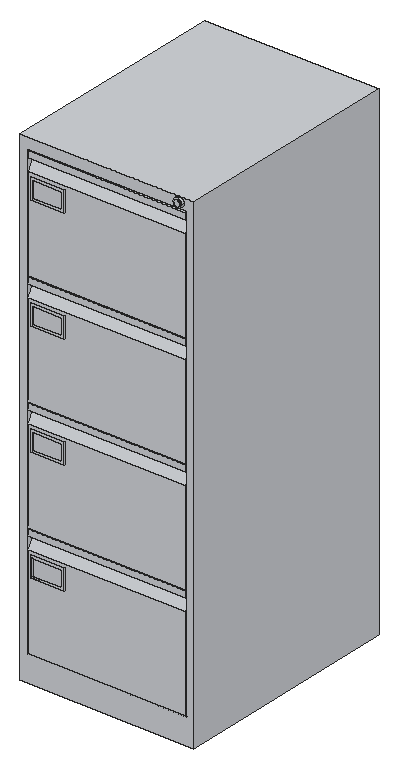
Revit family "BISLEY_AOC_Filing_Cabinets", category Furniture, Revit 2018
Family settings
  OmniClass Number = 23.40.20.00
  OmniClass Title = General Furniture and Specialties
  Work Plane-Based = No
  Always vertical = Yes
  Cut with Voids When Loaded = No
  Shared = No
  Room Calculation Point = No
Parameters (values of type "AOC4")
  plinth height = 70 mm
  Width = 470 mm
  Weight = "42.21kg"
  Warranty = "5 Years from date of purchase"  # constant formula
  Uniclass2015Version = "V1.1"  # constant formula
  Uniclass2015Title = "Shelves and Storage Units"  # constant formula
  Uniclass 2015 Code = "PR_40_30_29"  # constant formula
  URL = "www.bisley.com"
  Training Requirements for Operational Use = "N/A"  # constant formula
  Routine Maintenance = "We recommend you clean your unit with warm water and a mild detergent solution. A damp cloth can be used to remove dust particles."  # constant formula
  Range = "Filing Cabinets"  # constant formula
  Product Information = "4 Drawer Cabinet"
  Number of drawers = 4
  Name = "AOC4"
  Model Reference = Name  # "AOC4"
  Material = "Steel"  # constant formula
  Manufacturer = "Bisley"  # constant formula
  Lebel left = no
  Label right = yes
  Label position = 135.145 mm
  Height = 1321 mm
  Finish = "Powder Coated"  # constant formula
  Drawer width2 = -213 mm
  Drawer width1 = 213 mm
  Dimensions = "1321 x 470 x 622 mm"
  Description = Product Information  # "4 Drawer Cabinet"
  Depth = 622 mm
  Compliance Standards Certification = "BS EN 14074 2004 Part 2 & 3"  # constant formula
  Category = "Furniture"  # constant formula
  Author = "bisley"  # constant formula
  4th label vis = yes
  3rd label vis = yes
  1653 Visibility = no
  1623-1643 Visibility = yes
Types (4, lengths in mm): name | Weight | Product Information | Number of drawers | Name | Model Reference | Height | Dimensions | Description | 4th label vis | 3rd label vis
  (no name) | "42.21kg" | "4 Drawer Cabinet" | 4 | "AOC4" | "AOC4" | 1321 | "1321 x 470 x 622 mm" | "4 Drawer Cabinet" | yes | yes
  AOC2 | "24.48" | "2 Drawer Cabinet" | 2 | "AOC2" | "AOC2" | 711 | "711 x 470 x 622 mm" | "2 Drawer Cabinet" | no | no
  AOC3 | "33.45kg" | "3 Drawer Cabinet" | 3 | "AOC3" | "AOC3" | 1016 | "1016 x 470 x 622 mm" | "3 Drawer Cabinet" | no | yes
  AOC4 | "42.21kg" | "4 Drawer Cabinet" | 4 | "AOC4" | "AOC4" | 1321 | "1321 x 470 x 622 mm" | "4 Drawer Cabinet" | yes | yes
Reference planes
  plane 1 "Center (Front/Back)": y = 0
  plane 2: z = 7
  plane 3 "Center (Left/Right)": x = 0
  plane 4: x = -235
  plane 5: x = 235
  plane 6: y = 311
  plane 7: y = -311
  plane 8: z = 1328
  plane 9: z = 7
  plane 10: z = 1298
  plane 11: z = 77
  plane 12: x = -215
  plane 13: x = 215
  plane 14: y = 230
  plane 15: x = 477
  plane 16: z = 62
  plane 17: x = -477
  plane 18: z = 1245
  plane 19: z = 978
  plane 20: z = 380.514
  plane 21: z = 383.514
Forms (mm)
  Extrusion 1, solid
    sketch origin (0, 0, 7) x (1, 0, 0) y (0, 1, 0)
      loop
        line (-235, 311) -> (-235, -311) -> (235, -311) -> (235, 311) -> (-235, 311)
    from 0 to 1321
  Extrusion 2, void
    sketch origin (0, 0, 0) x (1, 0, 0) y (0, 0, 1)
      loop
        line (-215, 1298) -> (-215, 77) -> (215, 77) -> (215, 1298) -> (-215, 1298)
    from -230 to 311
  Extrusion 3, solid, not visible
    sketch origin (0, 0, -11) x (0, 0, -1) y (0, -1, 0)
      loop
        line (-375, 215) -> (-73.486, 215) -> (-73.486, 235) -> (-323.022, 235) -> (-358, 216.402) -> (-373.358, 216.402) -> (-373.358, 233.251) -> (-358, 233.251) -> (-358, 235) -> (-375, 235) -> (-375, 215)
    from -213 <- "Drawer width2" to 213 <- "Drawer width1"
  Extrusion 4, solid
    sketch origin (194.969, -66.676, 1.065) x (1, 0, 0) y (0, 0, 1)
      loop
        circle (0, 1312.202) r 12
    from 244.324 to 250
  Extrusion 5, solid
    sketch origin (194.969, -66.676, 1.065) x (1, 0, 0) y (0, 0, 1)
      loop
        circle (-0.041, 1312.074) r 7.706
    from 244.324 to 251.657
  Extrusion 6, solid, visible <- "1623-1643 Visibility"
    sketch origin (0, -76, 5.514) x (0, 0, -1) y (0, -1, 0)
      loop
        line (-375, 215) -> (-73.486, 215) -> (-73.486, 235) -> (-323.022, 235) -> (-358, 216.402) -> (-373.358, 216.402) -> (-373.358, 233.251) -> (-358, 233.251) -> (-358, 235) -> (-375, 235) -> (-375, 215)
    from -213 <- "Drawer width2" to 213 <- "Drawer width1"
  Extrusion 7, solid, visible <- "1623-1643 Visibility"
    sketch origin (0.231, -76, 310.027) x (0, 0, -1) y (0, -1, 0)
      loop
        line (-375, 215) -> (-73.486, 215) -> (-73.486, 235) -> (-323.022, 235) -> (-358, 216.402) -> (-373.358, 216.402) -> (-373.358, 233.251) -> (-358, 233.251) -> (-358, 235) -> (-375, 235) -> (-375, 215)
    from -213 <- "Drawer width2" to 213 <- "Drawer width1"
  Extrusion 8, solid, visible <- "1623-1643 Visibility"
    sketch origin (0.463, -76, 614.541) x (0, 0, -1) y (0, -1, 0)
      loop
        line (-375, 215) -> (-73.486, 215) -> (-73.486, 235) -> (-323.022, 235) -> (-358, 216.402) -> (-373.358, 216.402) -> (-373.358, 233.251) -> (-358, 233.251) -> (-358, 235) -> (-375, 235) -> (-375, 215)
    from -213 <- "Drawer width2" to 213 <- "Drawer width1"
  Extrusion 9, solid, visible <- "1623-1643 Visibility"
    sketch origin (0.694, -76, 919.054) x (0, 0, -1) y (0, -1, 0)
      loop
        line (-375, 215) -> (-73.486, 215) -> (-73.486, 235) -> (-323.022, 235) -> (-358, 216.402) -> (-373.358, 216.402) -> (-373.358, 233.251) -> (-358, 233.251) -> (-358, 235) -> (-375, 235) -> (-375, 215)
    from -213 <- "Drawer width2" to 213 <- "Drawer width1"
  Extrusion 10, solid
    sketch origin (0, 0, 0) x (1, 0, 0) y (0, 0, 1)
      loop
        line (-204.804, 320.527) -> (-204.804, 265.527) -> (-114.804, 265.527) -> (-114.804, 320.527) -> (-204.804, 320.527)
      loop
        line (-199.804, 315.527) -> (-199.804, 270.527) -> (-119.804, 270.527) -> (-119.804, 315.527) -> (-199.804, 315.527)
    from 311 to 313.381
  Extrusion 11, solid
    sketch origin (0.231, 0, 304.514) x (1, 0, 0) y (0, 0, 1)
      loop
        line (-204.804, 320.527) -> (-204.804, 265.527) -> (-114.804, 265.527) -> (-114.804, 320.527) -> (-204.804, 320.527)
      loop
        line (-199.804, 315.527) -> (-199.804, 270.527) -> (-119.804, 270.527) -> (-119.804, 315.527) -> (-199.804, 315.527)
    from 311 to 313.381
  Extrusion 12, solid
    sketch origin (0.463, 0, 609.027) x (1, 0, 0) y (0, 0, 1)
      loop
        line (-204.804, 320.527) -> (-204.804, 265.527) -> (-114.804, 265.527) -> (-114.804, 320.527) -> (-204.804, 320.527)
      loop
        line (-199.804, 315.527) -> (-199.804, 270.527) -> (-119.804, 270.527) -> (-119.804, 315.527) -> (-199.804, 315.527)
    from 311 to 313.381
  Extrusion 13, solid
    sketch origin (0.694, 0, 913.541) x (1, 0, 0) y (0, 0, 1)
      loop
        line (-204.804, 320.527) -> (-204.804, 265.527) -> (-114.804, 265.527) -> (-114.804, 320.527) -> (-204.804, 320.527)
      loop
        line (-199.804, 315.527) -> (-199.804, 270.527) -> (-119.804, 270.527) -> (-119.804, 315.527) -> (-199.804, 315.527)
    from 311 to 313.381
Cuts and joins
  Extrusion 2 cuts Extrusion 1
Dimensions and locks
  equal spacing: plane 4, plane 3 "Center (Left/Right)", plane 5
  "Width": plane 4 to plane 5
  "Depth": plane 6 to plane 7
  locked: plane 9 to level
  "plinth height": plane 11 to plane 9
  locked: plane 8 to plane 10 at 30
  locked: plane 12 to plane 4 at 20
  locked: plane 5 to plane 13 at 20
  "Height": plane 8 to plane 9
  plane 3 "Center (Left/Right)" to plane 15 = 477 mm
  plane 18 to plane 19 = 267 mm
  equal spacing: plane 15, plane 3 "Center (Left/Right)", plane 17
  plane 17 to cut or joined group of Extrusion 1, Extrusion 2 = 262 mm
  equal spacing: plane 6, plane 1 "Center (Front/Back)", plane 7
  equal spacing: group 2, group 3, group 4, group 5  (x3)
  aligned and locked: level to plane 2
  aligned and locked: Extrusion 1 sketch curve to plane 6
  aligned and locked: plane 4 to Extrusion 1 sketch curve
  aligned and locked: plane 7 to Extrusion 1 sketch curve
  aligned and locked: Extrusion 1 sketch curve to plane 5
  aligned and locked: Extrusion 1 to plane 9
  aligned and locked: plane 8 to Extrusion 1
  aligned and locked: Extrusion 2 sketch curve to plane 10
  aligned and locked: plane 12 to Extrusion 2 sketch curve
  aligned and locked: Extrusion 2 sketch curve to plane 11
  aligned and locked: Extrusion 2 sketch curve to plane 13
  aligned and locked: Extrusion 2 to plane 7
  aligned and locked: Extrusion 2 to plane 14
  aligned and locked: plane 7 to Extrusion 10
Automatic sketch dimensions
  Extrusion 3 sketch curve to Extrusion 3 sketch curve = 1.642 mm
  Extrusion 3 sketch curve to Extrusion 3 sketch curve = 15.358 mm  (x2)
  Extrusion 3 sketch curve to Extrusion 3 sketch curve = 34.978 mm
  Extrusion 3 sketch curve to Extrusion 3 sketch curve = 249.536 mm
  Extrusion 3 sketch curve to Extrusion 3 sketch curve = 1.402 mm
  Extrusion 3 sketch curve to Extrusion 3 sketch curve = 16.849 mm
  Extrusion 3 sketch curve to Extrusion 3 sketch curve = 1.749 mm
  Extrusion 3 sketch curve to Extrusion 3 sketch curve = 0 mm
  Extrusion 6 sketch curve to Extrusion 6 sketch curve = 1.642 mm
  Extrusion 6 sketch curve to Extrusion 6 sketch curve = 16.849 mm
  Extrusion 6 sketch curve to Extrusion 6 sketch curve = 1.402 mm
  Extrusion 6 sketch curve to Extrusion 6 sketch curve = 34.978 mm
  Extrusion 6 sketch curve to Extrusion 6 sketch curve = 0 mm  (x2)
  Extrusion 6 sketch curve to Extrusion 6 sketch curve = 15.358 mm
  Extrusion 6 sketch curve to Extrusion 6 sketch curve = 249.536 mm
  Extrusion 6 sketch curve to Extrusion 6 sketch curve = 1.749 mm
  Extrusion 7 sketch curve to Extrusion 7 sketch curve = 1.642 mm
  Extrusion 7 sketch curve to Extrusion 7 sketch curve = 16.849 mm
  Extrusion 7 sketch curve to Extrusion 7 sketch curve = 1.402 mm
  Extrusion 7 sketch curve to Extrusion 7 sketch curve = 34.978 mm
  Extrusion 7 sketch curve to Extrusion 7 sketch curve = 0 mm  (x2)
  Extrusion 7 sketch curve to Extrusion 7 sketch curve = 15.358 mm
  Extrusion 7 sketch curve to Extrusion 7 sketch curve = 249.536 mm
  Extrusion 7 sketch curve to Extrusion 7 sketch curve = 1.749 mm
  Extrusion 4 sketch curve to plane 13 = 20.031 mm
  Extrusion 4 sketch curve to plane 8 = 14.733 mm
  Extrusion 5 sketch curve to plane 13 = 20.073 mm
  Extrusion 5 sketch curve to plane 8 = 14.861 mm
  Extrusion 8 sketch curve to Extrusion 8 sketch curve = 1.642 mm
  Extrusion 8 sketch curve to Extrusion 8 sketch curve = 16.849 mm
  Extrusion 8 sketch curve to Extrusion 8 sketch curve = 1.402 mm
  Extrusion 8 sketch curve to Extrusion 8 sketch curve = 34.978 mm
  Extrusion 8 sketch curve to Extrusion 8 sketch curve = 0 mm  (x2)
  Extrusion 8 sketch curve to Extrusion 8 sketch curve = 15.358 mm
  Extrusion 8 sketch curve to Extrusion 8 sketch curve = 249.536 mm
  Extrusion 8 sketch curve to Extrusion 8 sketch curve = 1.749 mm
  Extrusion 9 sketch curve to Extrusion 9 sketch curve = 1.642 mm
  Extrusion 9 sketch curve to Extrusion 9 sketch curve = 16.849 mm
  Extrusion 9 sketch curve to Extrusion 9 sketch curve = 1.402 mm
  Extrusion 9 sketch curve to Extrusion 9 sketch curve = 34.978 mm
  Extrusion 9 sketch curve to Extrusion 9 sketch curve = 0 mm  (x2)
  Extrusion 9 sketch curve to Extrusion 9 sketch curve = 15.358 mm
  Extrusion 9 sketch curve to Extrusion 9 sketch curve = 249.536 mm
  Extrusion 9 sketch curve to Extrusion 9 sketch curve = 1.749 mm
  Extrusion 10 sketch curve to Extrusion 10 sketch curve = 90 mm
  Extrusion 10 sketch curve to Extrusion 10 sketch curve = 55 mm
  Extrusion 10 sketch curve to Extrusion 10 sketch curve = 5 mm  (x8)
  Extrusion 13 sketch curve to Extrusion 13 sketch curve = 5 mm  (x4)
  Extrusion 13 sketch curve to Extrusion 13 sketch curve = 80 mm
  Extrusion 13 sketch curve to Extrusion 13 sketch curve = 45 mm
  Extrusion 10 sketch curve to Extrusion 10 sketch curve = 80 mm
  Extrusion 10 sketch curve to Extrusion 10 sketch curve = 45 mm
  Extrusion 11 sketch curve to Extrusion 11 sketch curve = 5 mm  (x4)
  Extrusion 11 sketch curve to Extrusion 11 sketch curve = 80 mm
  Extrusion 11 sketch curve to Extrusion 11 sketch curve = 45 mm
  Extrusion 12 sketch curve to Extrusion 12 sketch curve = 5 mm  (x4)
  Extrusion 12 sketch curve to Extrusion 12 sketch curve = 80 mm
  Extrusion 12 sketch curve to Extrusion 12 sketch curve = 45 mm
  radius of Extrusion 4 sketch curve = 12 mm
  radius of Extrusion 5 sketch curve = 7.706 mm
